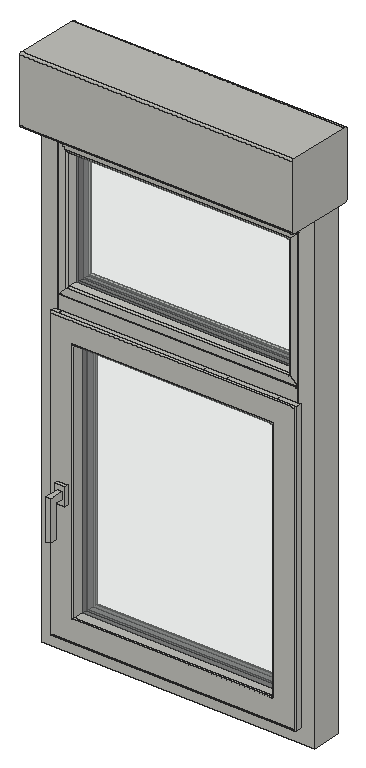
Revit family "2021_ES_Ventana_Replus_RE80-PVC-i30-11102_Cajon-Presiana", category Windows, host Wall, Revit 2021
Family settings
  Host = Wall
  OmniClass Number = 23.30.20.00
  OmniClass Title = Windows
  Always vertical = Yes
  Cut with Voids When Loaded = No
  Shared = No
  Room Calculation Point = No
Parameters (values of type "11102")
  Ι_Wll Thcknss [instance] = 200.000 mm
  Ι_Wdth Cntrl = if(Width < 429.000 mm, 429.000 mm, if(Width > 1514.000 mm, 1514.000 mm, Width))  # 750.000 mm
  Ι_Ssh Wdth = (Ι_Wdth Cntrl - 2 * 36.800 mm)  # 676.400 mm
  Ι_Ssh Hght = if(Altura de hoja < 165.000 mm, 165.000 mm, if(Altura de hoja > Ι_Hght Cntrl - 2.000 mm * 36.8 - Ι_Fxd Hght - 17.700 mm + 40.000 mm, Ι_Hght Cntrl - 2.000 mm * 36.8 - Ι_Fxd Hght - 17.700 mm + 40.000 mm, Ι_Hght Cntrl - 2.000 mm * 36.8 - Ι_Fxd Hght - 17.700 mm + 40.000 mm))  # 799.700 mm
  Ι_Nst Cntrl [instance] = if(Retranqueo > Ι_Wll Thcknss - 80.000 mm, Ι_Wll Thcknss - 80.000 mm, if(Retranqueo = Ι_Wll Thcknss - 80.000 mm, Ι_Wll Thcknss - 80.000 mm, Retranqueo))  # 0.000 mm
  Ι_Hndl Hght Cntrl = if(Altura de Manilla < 150.000 mm, 150.000 mm, if(Altura de Manilla > Ι_Ssh Hght - 50.000 mm, Ι_Ssh Hght - 50.000 mm, Altura de Manilla))  # 400.000 mm
  Ι_Hght Cntrl = if(Height < 429.000 mm, 429.000 mm, if(Height > 2658.000 mm, 2658.000 mm, Height))  # 1300.000 mm
  Ι_Fxd Hght Cntrl = Ι_Hght Cntrl - Ι_Ssh Hght - 51.000 mm  # 449.300 mm
  Ι_Fxd Hght = if((Ι_Hght Cntrl - Altura de hoja - 51.000 mm) < 173.000 mm, 173.000 mm, Ι_Hght Cntrl - Altura de hoja - 51.000 mm)  # 449.000 mm
  Ι_Frm Wdth Cntrl = Ι_Wdth Cntrl  # 750.000 mm
  Ι_Frm Hght Cntrl = Ι_Hght Cntrl  # 1300.000 mm
  Zona = ""
  Visibilidad Líneas Apertura - Planta = yes
  Visibilidad Líneas Apertura - Alzado = yes
  Vida Util Esperada = ""
  Version Estandar GDO-BIM = "GDO-BIM V02"  # constant formula
  Version = "RVT2021"  # constant formula
  Verano de transmitancia termica = 0
  Unidad Medicion = ""
  Unidad = ""
  Uniclass2015 Titulo = ""
  Uniclass2015 Codigo = ""
  URL de Declaracion de Prestaciones = ""
  URL Producto = "https://replus.es/bim/"
  URL Perfil BIM = "https://bimetica.com/es/objeto-bim-replus-ventana-re80-pvc-i30-1-hoja-oscilobatiente-fijo-superior-cajon-persiana-11104.html"
  URL = "https://replus.es/"
  UNSPSC Titulo = "Windows"  # constant formula
  UNSPSC Codigo = "30171600"  # constant formula
  Transmitancia termica invierno = 0
  Transmitancia solar = 0
  Transmitancia de ganancia de calor solar = 0
  Transmision de luz visible = 0
  Titular = "Regicarp, S.L."  # constant formula
  Tipo Embalaje Proteccion = ""
  Tiene antepecho interno = no
  Tiene antepecho externo = no
  Tiempo Util De Vida = ""
  Tiempo Medio Entre Fallos = ""
  Telefono Contacto = "+34 966544310"  # constant formula
  Soporte tecnico BIM = "https://bimsupport.info/es/fabricantes/regicarp-replus-bim/"
  Sistema = ""
  Serie = ""
  Responsable Seguridad = ""
  Responsable Prescripcion = ""
  Responsable Compra = ""
  Residuos Peligrosos por Unidad = 0
  Residuos No Peligrosos por Unidad = 0
  Residuo Radioactivo por Unidad = 0
  Residuo Inerte por Unidad = 0
  Reflectancia solar = 0
  Reflectancia de luz visible = 0
  Referencia Unidad Funcional = ""
  Referencia Lote = ""
  Referencia Contacto Soporte Tecnico = ""
  Referencia Contacto Comercial Venta = ""
  Referencia = "RE 80/PVC/i30"
  Punto de Contacto = ""
  Proteccion con Malla = no
  Plataforma descaga contenido BIM = "www.bimetica.com"
  Periodo Garantia = ""
  Partida URL = ""
  Pais de Venta = ""
  Omniclass Titulo = "Plastic Windows"  # constant formula
  Omniclass Codigo = "23-17 13 17"  # constant formula
  Numero de Licencia = "XXXXXXXX8182 / No-aportada por bimboject AB (anterior)"  # constant formula
  Numero de Declaracion de Prestaciones = ""
  Numero Serie = ""
  Numero Articulo Global Comercial = ""
  Numero Articulo = ""
  Nivel de Riesgo = ""
  Material Envoltura = ""
  Material Contenedor = ""
  Material = none
  Masterformat Titulo = "Plastic Windows"  # constant formula
  Masterformat Codigo = "08 53 00"  # constant formula
  Marcado CE = yes
  Mantenimiento = ""
  Lugar Ensamblaje = ""
  Instrucciones Especiales = ""
  Informacion Tecnica = ""
  IfcExportType = "Oscilobatiente"
  IfcExportAs = "IfcWindow"  # constant formula
  Identificador Garantia = ""
  Historial = "(RVT2021) Actualización GDO-BIM (RVT2015) Creacion de Elemento"  # constant formula
  Gubimclass Titulo = "Ventanas de fachadas"  # constant formula
  Gubimclass Codigo = "30.10.20.10"  # constant formula
  Gas de Relleno = ""
  Garantia Extendida = no
  Fuente Datos LCA = ""
  Formacion Fotoquimica Ozono por Unidad = 0
  Fecha Vencimiento Elemento BIM = ""
  Fecha Suministro = ""
  Fecha Fin Garantia = ""
  Fecha Evaluacion = ""
  Fecha Emision Elemento BIM = ""
  Fecha Compra = ""
  Fecha Colocacion = ""
  Fase Ciclo Vida = ""
  Falta de Recursos por Unidad = 0
  Exclusiones = ""
  Eutrofizacion por Unidad = 0
  Etiqueta Modelo = ""
  Estandar seguridad = ""
  Espesor de vidrio 3 = 0.000 mm
  Espesor de vidrio 2 = 0.000 mm
  Espesor de vidrio 1 = 0.000 mm
  Espacio libre acceso = 0.000 mm
  Espacio = ""
  Es templado = no
  Es recubierto = no
  Es laminado = no
  Es Exterior = yes
  Es Accesible = no
  Energia consumida = 0
  Energia Renovable Consumida por Unidad = 0
  Energia Primaria Total Consumida por Unidad = 0
  Energia No Renovable Consumida por Unidad = 0
  Email Contacto = "info@replus.es"  # constant formula
  Destruccion Capa Ozono Estratosferica por Unidad = 0
  Descripcion Evaluacion = ""
  Dependiente De = ""
  Declaracion Ambiental de Producto URL = ""
  Creditos LEED = ""
  Creditos BREEAM = ""
  Coste Mantenimiento = 0
  Contenido Garantia = ""
  Contacto = ""
  Condiciones de Venta = ""
  Condiciones Evaluacion = ""
  Color de vidrio = ""
  Coeficiente de sombreado = 0
  Codigo Barras = ""
  Codigo = ""
  Clasificacion de carga de viento = ""
  Capas de vidrio = 0
  Cambio Climatico por Unidad = 0
  COBie Categoria = "IfcWindow"
  Base Precio Producto 03 = ""
  Base Precio Producto 02 = ""
  Base Precio Producto 01 = ""
  Autor = "Bimetica Parametric Design Services S.L. (actual) / bimobject AB (anterior)"  # constant formula
  Ano Produccion = ""
  Rough Width = Ι_Wdth Cntrl + 2 * Hueco  # 770.000 mm
  Altura minima requerida = 0.000 mm
  Rough Height = Ι_Hght Cntrl + 2 * Hueco  # 1320.000 mm
  Retranqueo [instance] = 0.000 mm
  Product Material = PVC - Replus - 9152 - White
  Model = "11102"
  Material secondary = "Glass"
  Material main = "PVC"
  Manufacturer = "Replus"
  Keynote = "08500"
  Hueco = 10.000 mm
  Height = 1300.000 mm
  Exceso Dimensiones = or(and(Height < 429.000 mm, Advertencia Dimensión), and(Width < 429.000 mm, Advertencia Dimensión), and(Width > 1514.000 mm, Advertencia Dimensión), and(Height > 2658.000 mm, Advertencia Dimensión))  # no
  Edition number = 1
  Description = "Perfiles de hoja oculta en PVC, mejorando sustancialmente el campo visual, con triple junta (mediante junta rigida en el marco) protegiendo de esta manera todos los puntos de cierre, aumentando la seguridad y proporcionando una junta perimetral completa, con perfilería de clasificación máxima S-II-A"
  Default Sill Height = 800.000 mm
  Wall Closure = By host
  Width = 750.000 mm
  Assembly Code = "B2020100"
  Analytic Construction = "<None>"
  Altura de hoja = 800.000 mm
  Altura de Manilla = 400.000 mm
  Agua Consumida por Unidad = 0
  Advertencia Dimensión = yes
  Acidificacion Atmosferica por Unidad = 0
  Acabado = ""
  Absorcion solar = 0
Reference planes
  plane 1 "Center (Front/Back)": y = 0
  plane 2 "Center (Left/Right)": x = 0
  plane 3 "Left": x = -385
  plane 4 "Right": x = 385
  plane 5 "Sill": z = 800
  plane 6 "Head": z = 2305
  plane 7 "Exterior": y = 100
  plane 8 "Interior": y = -100
  plane 9: x = -375
  plane 10: x = 375
  plane 11 "Inset": y = -20
  plane 12: z = 2110
  plane 13: z = 810
  plane 14 "Central Profile": x = 0
  plane 15: z = 2058.811
  plane 16: z = 861.189
  plane 17: y = -38.5
  plane 18: x = -338.2
  plane 19: x = 338.2
  plane 20: z = 2073.2
  plane 21: z = 1377.736
  plane 22: z = 1374.811
  plane 23: z = 882.435
  plane 24: z = 2573.491
  plane 25: z = 2565.491
  plane 26: z = 1015.491
  plane 27: z = 1210
  plane 28: z = 846.8
  plane 29: x = 303.2
  plane 30: x = -303.2
  plane 31: z = 1646.5
  plane 32: y = 500
  plane 33: y = -100
  plane 34: x = -274.2
  plane 35: x = 274.2
  plane 36: z = 1582.5
  plane 37: z = 910.8
  plane 38 "glass": y = -57
  plane 39: y = 10
  plane 40: z = 2295
Lines and regions (mm)
  Opening 1
    outline origin (3500, -100, 0) x (1, 0, 0) y (0, 0, 1)
      loop
        line (-3115, 800) -> (-3115, 2305) -> (-3885, 2305) -> (-3885, 800) -> (-3115, 800)
  symbolic lines, style "Hidden Lines Black", visible <- "Visibilidad Líneas Apertura - Alzado"
    curve 1: line (-274.2, -20, 1210) -> (274.2, -20, 1582.5)
    curve 2: line (-274.2, -20, 1210) -> (274.2, -20, 910.8)
    curve 3: line (0, -20, 1582.5) -> (-274.2, -20, 910.8)
    curve 4: line (0, -20, 1582.5) -> (274.2, -20, 910.8)
  symbolic lines, visible <- "Visibilidad Líneas Apertura - Planta"
    curve 5: line (-338.2, -100, 0) -> (-338.2, -776.512, 0)
    curve 6: arc (-338.2, -776.512, 0) -> (140.127, -578.36, 0) -> (338.2, -100, 0) r 676.4
  model lines, style "Hidden Lines Black", visible <- "Visibilidad Líneas Apertura - Alzado"
    curve 7: line (0, -57, 1582.5) -> (-274.2, -57, 910.8)
    curve 8: line (0, -57, 1582.5) -> (274.2, -57, 910.8)
    curve 9: line (-274.2, -57, 1210) -> (274.2, -57, 1582.5)
    curve 10: line (-274.2, -57, 1210) -> (274.2, -57, 910.8)
Text (mm)
  text "EXTERIOR" at (-1963.203, 1332.353, 0), in view "Ref. Level"
  text "INTERIOR" at (-1981.466, -818.386, 0), in view "Ref. Level"
  text "Exterior" at (0, 923.751, 2943.296), in view "Right"
  text "Exterior" at (0, 1040.484, 2685.409), in view "Left"
Dimensions and locks
  equal spacing: plane 3 "Left", plane 2 "Center (Left/Right)", plane 4 "Right"
  "Ι_Wdth Cntrl": plane 9 to plane 10
  "Ι_Hght Cntrl": plane 13 to plane 12
  "Default Sill Height": plane 5 "Sill" to level
  locked: plane 7 "Exterior" to host wall
  locked: plane 8 "Interior" to host wall
  "Hueco": plane 3 "Left" to plane 9
  "Hueco": plane 10 to plane 4 "Right"
  "Hueco": plane 13 to plane 5 "Sill"
  equal spacing: plane 9, plane 14 "Central Profile", plane 10
  locked: plane 12 to plane 15 at 51.189
  locked: plane 16 to plane 13 at 51.189
  locked: plane 11 "Inset" to plane 17 at 18.5
  locked: plane 9 to plane 18 at 36.8
  locked: plane 19 to plane 10 at 36.8
  locked: plane 12 to plane 20 at 36.8
  plane 12 to plane 20 = 36.800 mm
  "Ι_Wll Thcknss": host wall to host wall
  locked: plane 28 to plane 13 at 36.8
  "Ι_Hndl Hght Cntrl": plane 27 to plane 13
  locked: plane 29 to plane 19 at 35
  locked: plane 18 to plane 30 at 35
  "Ι_Ssh Hght": plane 31 to plane 28
  locked: plane 32 to plane 7 "Exterior" at 400
  locked: plane 17 to plane 33 at 61.5
  "Ι_Nst Cntrl": plane 8 "Interior" to plane 33
  locked: plane 34 to plane 30 at 29
  locked: plane 35 to plane 29 at 29
  locked: plane 31 to plane 36 at 64
  locked: plane 17 to plane 38 "glass" at 18.5
  locked: plane 37 to plane 13 at 100.8
  locked: plane 39 to plane 11 "Inset" at 30
  locked: plane 40 to plane 12 at 185
  "Hueco": plane 6 "Head" to plane 40
  "Ι_Ssh Wdth": radius of curve 6
  aligned and locked: nested 2 to plane 11 "Inset"
  aligned and locked: nested 2 to plane 2 "Center (Left/Right)"
  aligned and locked: plane 18 to nested 1  (x2)
  aligned and locked: nested 1 to plane 17
  aligned and locked: plane 12 to nested 2
  aligned and locked: nested 1 to plane 28
  aligned and locked: plane 31 to nested 1
  aligned and locked: nested 4 to plane 32
  aligned and locked: nested 4 to plane 2 "Center (Left/Right)"
  aligned and locked: plane 36 to curve 1
  aligned and locked: plane 35 to curve 1
  aligned and locked: plane 14 "Central Profile" to curve 3
  aligned and locked: curve 5 to plane 18
  aligned and locked: plane 36 to curve 8
  aligned and locked: plane 27 to curve 10
  aligned and locked: plane 34 to curve 10
  aligned and locked: plane 37 to curve 10
  aligned and locked: plane 35 to curve 10
  aligned and locked: plane 33 to curve 5
  aligned and locked: plane 33 to curve 6
  aligned and locked: plane 30 to nested 3
  aligned and locked: nested 3 to plane 27
  aligned and locked: nested 5 to plane 2 "Center (Left/Right)"
  aligned and locked: nested 5 to plane 12
  aligned and locked: plane 39 to nested 5
Automatic sketch dimensions
  Opening 1 sketch curve to plane 3 "Left" = 0.000 mm
  Opening 1 sketch curve to plane 4 "Right" = 0.000 mm
  Opening 1 sketch curve to plane 5 "Sill" = 0.000 mm
  Opening 1 sketch curve to plane 6 "Head" = 0.000 mm
  plane 35 to curve 4 = 0.000 mm
  curve 2 to plane 27 = 0.000 mm
  curve 2 to plane 34 = 0.000 mm
  curve 3 to plane 37 = 0.000 mm
  curve 2 to plane 37 = 0.000 mm
  curve 4 to plane 36 = 0.000 mm
  plane 35 to curve 9 = 0.000 mm
  plane 2 "Center (Left/Right)" to curve 7 = 0.000 mm
  curve 9 to plane 36 = 0.000 mm
  curve 6 to plane 19 = 0.000 mm
  plane 18 to curve 6 = 0.000 mm
  curve 3 to plane 34 = 0.000 mm
  curve 7 to plane 34 = 0.000 mm
  curve 7 to plane 37 = 0.000 mm
Nested families
  nested 1: "Leaf" at (0, -38.5, 846.8), type "Leaf"
  nested 2: "Frame" at (0, -20, 810), type "Frame"
    with Width 750.000 mm
  nested 3: "Handle" at (-303.2, -118.5, 1210) x (1, 0, 0) z (0, -1, 0), type "Handle", detail levels medium+fine
  nested 4: "Dimensions Overconstraint Warning" at (0, 500, 0), visible <- "Exceso Dimensiones", type "Dimensions Overconstraint Warning"
  nested 5: "Shutter Box - Replus" at (0, -82.5, 2110), type "Shutter Box - Replus"
    with Width 750.000 mm
Definition of nested family "Leaf"
  Parameters (values of type "Leaf")
    Width = 676.400 mm
    Product Material = none
    Height = 799.700 mm
    Analytic Construction = "<None>"
  Reference planes
    plane 1 "Center (Front/Back)": y = 0
    plane 2: z = 0
    plane 3 "Center (Left/Right)": x = 0
    plane 4: x = -338.2
    plane 5: x = 338.2
    plane 6: z = 799.7
    plane 7: x = -278.2
    plane 8: x = 278.2
    plane 9: z = 751.7
    plane 10: z = 48
    plane 11: y = -65.804
    plane 12: x = 290.2
    plane 13: x = -274.2
    plane 14: x = 274.2
    plane 15: z = 748.705
    plane 16: z = 50.995
    plane 17: z = 64
    plane 18: z = 735.7
    plane 19: y = -40
    plane 20: y = -4
    plane 21: y = -8
    plane 22: y = -26
    plane 23: y = -30
    plane 24: y = -48
    plane 25: y = -52
    plane 26: x = -290.2
    plane 27: x = -284.2
    plane 28: x = 284.2
    plane 29: z = 745.7
    plane 30: z = 54
    plane 31: x = -295.2
    plane 32: x = 295.2
    plane 33: z = 756.7
    plane 34: z = 43
  Forms (mm)
    Sweep 1, solid, material <- "Product Material", detail levels coarse
      path origin (0, 0, 0) x (1, 0, 0) y (0, 0, 1)
        loop
          line (-338.2, 799.7) -> (-338.2, 0) -> (338.2, 0) -> (338.2, 799.7) -> (-338.2, 799.7)
      profile origin (-338.2, 0, 399.85) x (-1, 0, 0) y (0, -1, 0)
        loop
          line (-20, 56.6) -> (-20, 61.5) -> (-7.5, 61.5) -> (0, 61.5) -> (0, 80) -> (-64, 80) -> (-64, 0) -> (-43, 0) -> (-40.495, 0) -> (-20, 0) -> (-20, 56.6)
    Sweep 2, solid, material <- "Product Material", detail levels fine
      path origin (0, 0, 0) x (1, 0, 0) y (0, 0, 1)
        loop
          line (-338.2, 799.7) -> (-338.2, 0) -> (338.2, 0) -> (338.2, 799.7) -> (-338.2, 799.7)
      profile origin (-338.2, 0, 399.85) x (-1, 0, 0) y (0, -1, 0)
        loop
          line (-33, 14) -> (-33, 23.5) -> (-27.5, 23.5) -> (-20, 23.5) -> (-20, 61.5) -> (-7.5, 61.5) -> (0, 61.5) -> (0, 77)
          arc (0, 77) -> (-0.879, 79.121) -> (-3, 80) r 3
          line (-3, 80) -> (-61, 80)
          arc (-61, 80) -> (-63.121, 79.121) -> (-64, 77) r 3
          line (-64, 77) -> (-64, 52) -> (-43, 52) -> (-43, 4) -> (-40.495, 4) -> (-33, 4) -> (-33, 14)
    Sweep 3, solid, material <- "Product Material", detail levels medium
      path origin (0, 0, 0) x (1, 0, 0) y (0, 0, 1)
        loop
          line (-338.2, 799.7) -> (-338.2, 0) -> (338.2, 0) -> (338.2, 799.7) -> (-338.2, 799.7)
      profile origin (-338.2, 0, 399.85) x (-1, 0, 0) y (0, -1, 0)
        loop
          line (-20, 23.5) -> (-20, 61.5) -> (0, 61.5) -> (0, 80) -> (-64, 80) -> (-64, 52) -> (-43, 52) -> (-43, 4) -> (-33, 4) -> (-33, 23.5) -> (-20, 23.5)
    Extrusion 4, solid, detail levels fine
      sketch origin (0, 0, 0) x (1, 0, 0) y (0, 1, 0)
        loop
          line (-290.2, -4) -> (-290.2, -8) -> (290.2, -8) -> (290.2, -4) -> (-290.2, -4)
        loop
          line (-290.2, -26) -> (-290.2, -30) -> (290.2, -30) -> (290.2, -26) -> (-290.2, -26)
        loop
          line (-290.2, -48) -> (-290.2, -52) -> (290.2, -52) -> (290.2, -48) -> (-290.2, -48)
      from 48 to 751.7
    Extrusion 5, solid, detail levels medium
      sketch origin (0, 0, 0) x (1, 0, 0) y (0, 1, 0)
        loop
          line (-295.2, -4) -> (-295.2, -52) -> (295.2, -52) -> (295.2, -4) -> (-295.2, -4)
      from 43 to 756.7
    Sweep 6, solid, detail levels fine
      path origin (0, 0, 0) x (1, 0, 0) y (0, 0, 1)
        loop
          line (-284.2, 745.7) -> (-284.2, 54) -> (284.2, 54) -> (284.2, 745.7) -> (-284.2, 745.7)
      profile origin (-284.2, 0, 399.85) x (-1, 0, 0) y (0, -1, 0)
        loop
          line (0, 8) -> (0, 26) -> (-6, 26) -> (-6, 8) -> (0, 8)
        loop
          line (0, 30) -> (0, 48) -> (-6, 48) -> (-6, 30) -> (0, 30)
    Extrusion 7, solid, detail levels coarse
      sketch origin (0, 0, 0) x (1, 0, 0) y (0, 1, 0)
        loop
          line (-274.2, 0) -> (-274.2, -80) -> (274.2, -80) -> (274.2, 0) -> (-274.2, 0)
      from 64 to 735.7
    Sweep 8, solid, detail levels medium+fine
      path origin (0, 0, 0) x (1, 0, 0) y (0, 0, 1)
        loop
          line (-338.2, 799.7) -> (-338.2, 0) -> (338.2, 0) -> (338.2, 799.7) -> (-338.2, 799.7)
      profile origin (-338.2, 0, 399.85) x (-1, 0, 0) y (0, -1, 0)
        loop
          line (-33, 0) -> (-33, 4) -> (-64, 4) -> (-64, 0) -> (-33, 0)
  Lines and regions (mm)
    symbolic lines, detail levels coarse
      curve 1: line (-274.2, -40, 0) -> (274.2, -40, 0)
      curve 2: line (0, -40, 735.7) -> (0, -40, 64)
  Dimensions and locks
    equal spacing: plane 4, plane 3 "Center (Left/Right)", plane 5
    "Width": plane 4 to plane 5
    "Height": plane 6 to plane 2
    locked: plane 4 to plane 7 at 60
    locked: plane 8 to plane 5 at 60
    locked: plane 6 to plane 9 at 48
    locked: plane 10 to plane 2 at 48
    locked: plane 8 to plane 12 at 12
    locked: plane 7 to plane 13 at 4
    locked: plane 14 to plane 8 at 4
    locked: plane 6 to plane 15 at 50.995
    locked: plane 16 to plane 2 at 50.995
    locked: plane 15 to plane 18 at 13.005
    locked: plane 17 to plane 16 at 13.005
    locked: plane 19 to plane 1 "Center (Front/Back)" at 40
    plane 25 to plane 24 to plane 23 to plane 22 to plane 21 to plane 20 to plane 1 "Center (Front/Back)" = 4.000 mm locked, 18.000 mm locked, 4.000 mm locked, 18.000 mm locked, 4.000 mm locked, 4.000 mm locked
    locked: plane 26 to plane 7 at 12
    locked: plane 26 to plane 27 at 6
    locked: plane 28 to plane 12 at 6
    locked: plane 6 to plane 29 at 54
    locked: plane 30 to plane 2 at 54
    locked: plane 31 to plane 26 at 5
    locked: plane 12 to plane 32 at 5
    locked: plane 33 to plane 29 at 11
    locked: plane 30 to plane 34 at 11
    aligned and locked: level to plane 2
    aligned and locked: Sweep 1 sketch curve to plane 6
    aligned and locked: plane 4 to Sweep 1 sketch curve
    aligned and locked: plane 5 to Sweep 1 sketch curve
    aligned and locked: plane 2 to Sweep 1 sketch curve
    aligned and locked: Sweep 2 sketch curve to plane 6
    aligned and locked: plane 4 to Sweep 2 sketch curve
    aligned and locked: plane 5 to Sweep 2 sketch curve
    aligned and locked: plane 2 to Sweep 2 sketch curve
    aligned and locked: Sweep 3 sketch curve to plane 6
    aligned and locked: plane 4 to Sweep 3 sketch curve
    aligned and locked: plane 5 to Sweep 3 sketch curve
    aligned and locked: plane 2 to Sweep 3 sketch curve
    aligned and locked: plane 9 to Extrusion 4
    aligned and locked: Extrusion 4 to plane 10
    aligned and locked: plane 1 "Center (Front/Back)" to Extrusion 7 sketch curve
    aligned and locked: Extrusion 7 sketch curve to plane 13
    aligned and locked: Extrusion 7 sketch curve to plane 14
    aligned and locked: plane 18 to Extrusion 7
    aligned and locked: Extrusion 7 to plane 17
    aligned and locked: plane 19 to curve 1  (x2)
    aligned and locked: plane 14 to curve 1
    aligned and locked: plane 13 to curve 1
    aligned and locked: plane 17 to curve 2
    aligned and locked: plane 19 to curve 2  (x2)
    aligned and locked: plane 18 to curve 2
    aligned and locked: plane 4 to Sweep 8 sketch curve
    aligned and locked: plane 5 to Sweep 8 sketch curve
    aligned and locked: Sweep 8 sketch curve to plane 6
    aligned and locked: plane 2 to Sweep 8 sketch curve
    aligned and locked: Extrusion 4 sketch curve to plane 26  (x3)
    aligned and locked: Extrusion 4 sketch curve to plane 21
    aligned and locked: plane 20 to Extrusion 4 sketch curve
    aligned and locked: plane 22 to Extrusion 4 sketch curve
    aligned and locked: Extrusion 4 sketch curve to plane 23
    aligned and locked: plane 24 to Extrusion 4 sketch curve
    aligned and locked: Extrusion 4 sketch curve to plane 25
    aligned and locked: plane 20 to Extrusion 5 sketch curve
    aligned and locked: Extrusion 5 sketch curve to plane 25
    aligned and locked: Extrusion 4 sketch curve to plane 12  (x3)
    aligned and locked: Sweep 6 sketch curve to plane 27
    aligned and locked: Sweep 6 sketch curve to plane 28
    aligned and locked: Sweep 6 sketch curve to plane 29
    aligned and locked: plane 30 to Sweep 6 sketch curve
    aligned and locked: Extrusion 5 sketch curve to plane 31
    aligned and locked: Extrusion 5 sketch curve to plane 32
    aligned and locked: plane 33 to Extrusion 5
    aligned and locked: Extrusion 5 to plane 34
  Automatic sketch dimensions
    plane 11 to Extrusion 7 sketch curve = 14.196 mm
    Sweep 2 sketch curve to profile plane = 0.000 mm
    profile plane to Sweep 2 sketch curve = 3.000 mm
    profile plane to Sweep 2 sketch curve = 7.500 mm
    Sweep 2 sketch curve to Sweep 2 sketch curve = 12.500 mm
    Sweep 2 sketch curve to Sweep 2 sketch curve = 7.500 mm
    plane 1 "Center (Front/Back)" to Sweep 2 sketch curve = 4.000 mm
    Sweep 2 sketch curve to Sweep 2 sketch curve = 5.500 mm
    Sweep 2 sketch curve to Sweep 2 sketch curve = 7.495 mm
    Sweep 2 sketch curve to Sweep 2 sketch curve = 2.505 mm
    Sweep 2 sketch curve to Sweep 2 sketch curve = 18.000 mm
    Sweep 2 sketch curve to Sweep 2 sketch curve = 3.000 mm
    Sweep 2 sketch curve to Sweep 2 sketch curve = 10.000 mm
    Sweep 2 sketch curve to Sweep 2 sketch curve = 9.500 mm  (x2)
    Sweep 2 sketch curve to Sweep 2 sketch curve = 28.500 mm
    Sweep 2 sketch curve to Sweep 2 sketch curve = 25.000 mm
    Sweep 3 sketch curve to profile plane = 0.000 mm
    profile plane to Sweep 3 sketch curve = 20.000 mm
    Sweep 3 sketch curve to Sweep 3 sketch curve = 13.000 mm
    Sweep 3 sketch curve to Sweep 3 sketch curve = 23.000 mm
    Sweep 3 sketch curve to Sweep 3 sketch curve = 21.000 mm
    plane 1 "Center (Front/Back)" to Sweep 3 sketch curve = 4.000 mm
    Sweep 3 sketch curve to Sweep 3 sketch curve = 19.500 mm
    Sweep 3 sketch curve to Sweep 3 sketch curve = 28.500 mm
    Sweep 3 sketch curve to Sweep 3 sketch curve = 9.500 mm
    Sweep 3 sketch curve to Sweep 3 sketch curve = 28.000 mm
    plane 1 "Center (Front/Back)" to Sweep 1 sketch curve = 0.000 mm
    Sweep 1 sketch curve to profile plane = 0.000 mm
    Sweep 1 sketch curve to Sweep 1 sketch curve = 7.500 mm
    profile plane to Sweep 1 sketch curve = 20.000 mm
    Sweep 1 sketch curve to Sweep 1 sketch curve = 20.495 mm
    Sweep 1 sketch curve to Sweep 1 sketch curve = 2.505 mm
    Sweep 1 sketch curve to Sweep 1 sketch curve = 21.000 mm
    Sweep 1 sketch curve to Sweep 1 sketch curve = 56.600 mm
    Sweep 1 sketch curve to Sweep 1 sketch curve = 4.900 mm
    Sweep 1 sketch curve to Sweep 1 sketch curve = 18.500 mm
    plane 1 "Center (Front/Back)" to Sweep 8 sketch curve = 0.000 mm
    profile plane to Sweep 8 sketch curve = 64.000 mm
    plane 1 "Center (Front/Back)" to Sweep 8 sketch curve = 4.000 mm
    Sweep 8 sketch curve to Sweep 8 sketch curve = 31.000 mm
    profile plane to Sweep 6 sketch curve = 6.000 mm
    plane 1 "Center (Front/Back)" to Sweep 6 sketch curve = 8.000 mm
    Sweep 6 sketch curve to Sweep 6 sketch curve = 0.000 mm  (x2)
    Sweep 6 sketch curve to Sweep 6 sketch curve = 6.000 mm
    Sweep 6 sketch curve to Sweep 6 sketch curve = 18.000 mm  (x2)
    Sweep 6 sketch curve to Sweep 6 sketch curve = 4.000 mm
Definition of nested family "Frame"
  Parameters (values of type "Frame")
    Width = 900.000 mm
    Product Material = none
    Height = 1300.000 mm
    Fixed Leaf Height = 449.300 mm
    Analytic Construction = "<None>"
  Reference planes
    plane 1 "Center (Front/Back)": y = 0
    plane 2: z = 0
    plane 3 "Center (Left/Right)": x = 0
    plane 4: x = -450
    plane 5: x = 450
    plane 6: z = 1300
    plane 7 "Central Profile": x = 0
    plane 8: z = 850.7
    plane 9: x = -405.2
    plane 10: x = 405.2
    plane 11: x = -412.2
    plane 12: x = 412.2
    plane 13 "1": x = -385.1
    plane 14 "2": x = 385.1
    plane 15: z = 44.8
    plane 16: x = -373.1
    plane 17: x = 373.1
    plane 18: x = -390.1
    plane 19: x = 390.1
    plane 20: y = -18.5
    plane 21: y = -36.5
    plane 22: y = -40.5
    plane 23: y = -54.5
    plane 24: y = -58.5
    plane 25: y = -22.5
    plane 26: y = -62.518
    plane 27: x = -384.1
    plane 28: x = 384.1
    plane 29: z = 1263.2
    plane 30 "fi": z = 873.191
    plane 31 "3": x = 386.422
    plane 32 "4": x = -386.422
    plane 33: z = 1248.811
    plane 34: z = 879.58
    plane 35: z = 56.8
    plane 36: x = -380.2
    plane 37: x = 380.2
    plane 38: z = 1243.2
    plane 39: z = 884.9
    plane 40: z = 1234.189
    plane 41: z = 888.202
    plane 42: z = 894.202
    plane 43: z = 1255.2
    plane 44: z = 890.9
    plane 45: z = 1230.2
    plane 46: z = 904.389
    plane 47: y = -49.25
  Forms (mm)
    Sweep 1, solid, material <- "Product Material", detail levels fine
      path origin (0, 0, 0) x (1, 0, 0) y (0, 0, 1)
        loop
          line (-450, 1300) -> (-450, 0) -> (450, 0) -> (450, 1300) -> (-450, 1300)
      profile origin (-450, 0, 650) x (-1, 0, 0) y (0, -1, 0)
        loop
          line (0, 80) -> (-43.8, 80)
          arc (-43.8, 80) -> (-44.507, 79.707) -> (-44.8, 79) r 1
          line (-44.8, 79) -> (-44.8, 38) -> (-63.811, 38) -> (-63.811, 18.5) -> (-75.767, 18.5)
          arc (-75.767, 18.5) -> (-76.56, 18.109) -> (-76.733, 17.241) r 1
          line (-76.733, 17.241) -> (-72.709, 2.224)
          arc (-72.709, 2.224) -> (-71.637, 0.62) -> (-69.811, 0) r 3
          line (-69.811, 0) -> (0, 0) -> (0, 80)
    Sweep 2, solid, material <- "Product Material", detail levels coarse
      path origin (0, 0, 0) x (1, 0, 0) y (0, 0, 1)
        loop
          line (-450, 1300) -> (-450, 0) -> (450, 0) -> (450, 1300) -> (-450, 1300)
      profile origin (-450, 0, 650) x (-1, 0, 0) y (0, -1, 0)
        loop
          line (0, 80) -> (-56.8, 80) -> (-56.8, 18.5) -> (-76.9, 18.5) -> (-76.9, 0) -> (0, 0) -> (0, 80)
    Sweep 3, solid, material <- "Product Material", detail levels medium
      path origin (0, 0, 0) x (1, 0, 0) y (0, 0, 1)
        loop
          line (-450, 1300) -> (-450, 0) -> (450, 0) -> (450, 1300) -> (-450, 1300)
      profile origin (-450, 0, 650) x (-1, 0, 0) y (0, -1, 0)
        loop
          line (0, 80) -> (-56.8, 80) -> (-56.8, 42) -> (-69.8, 42) -> (-69.8, 18.5) -> (-76.662, 18.5) -> (-76.662, 0) -> (0, 0) -> (0, 80)
    Sweep 4, solid, material <- "Product Material", detail levels fine
      path origin (0, 0, 0) x (1, 0, 0) y (0, 0, 1)
        loop
          line (-405.2, 850.7) -> (405.2, 850.7)
      profile "Profile 01 - Fijo Inferior - Center Frame : Profile 01 - Fijo Inferior - Center Frame" origin (0, 0, 850.7) x (0, 0, 1) y (0, -1, 0)
        loop
          arc (22.491, 79) -> (22.198, 79.707) -> (21.491, 80) r 1
          line (21.491, 80) -> (-20.645, 80)
          arc (-20.645, 80) -> (-21.352, 79.707) -> (-21.645, 79) r 1
          line (-21.645, 79) -> (-21.645, 75.579) -> (-21.645, 67.975) -> (-19.491, 67.975) -> (-19.491, 38) -> (-41.502, 38) -> (-41.502, 36.218) -> (-28.88, 28.93) -> (-28.88, 12.933) -> (-41.912, 12.933) -> (-42.694, 18.5) -> (-53.458, 18.5)
          arc (-53.458, 18.5) -> (-54.251, 18.109) -> (-54.424, 17.241) r 1
          line (-54.424, 17.241) -> (-50.4, 2.224)
          arc (-50.4, 2.224) -> (-49.328, 0.62) -> (-47.502, 0) r 3
          line (-47.502, 0) -> (47.502, 0)
          arc (47.502, 0) -> (49.328, 0.62) -> (50.4, 2.224) r 3
          line (50.4, 2.224) -> (54.424, 17.241)
          arc (54.424, 17.241) -> (54.251, 18.109) -> (53.458, 18.5) r 1
          line (53.458, 18.5) -> (42.694, 18.5) -> (41.912, 12.933) -> (28.88, 12.933) -> (28.88, 28.93) -> (41.502, 36.218) -> (41.502, 38) -> (19.491, 38) -> (19.491, 67.975) -> (22.491, 67.975) -> (22.491, 79)
    Sweep 5, solid, material <- "Product Material", detail levels coarse
      path origin (0, 0, 0) x (1, 0, 0) y (0, 0, 1)
        loop
          line (-405.2, 850.7) -> (405.2, 850.7)
      profile origin (0, 0, 850.7) x (0, 0, 1) y (0, -1, 0)
        loop
          line (-34.2, 80) -> (-34.2, 0) -> (53.689, 0) -> (53.689, 80) -> (-34.2, 80)
    Sweep 6, solid, material <- "Product Material", detail levels medium
      path origin (0, 0, 0) x (1, 0, 0) y (0, 0, 1)
        loop
          line (-405.2, 850.7) -> (405.2, 850.7)
      profile origin (0, 0, 850.7) x (0, 0, 1) y (0, -1, 0)
        loop
          line (37.502, 18.5) -> (37.502, 65.491) -> (36.686, 66.307) -> (34.2, 66.307) -> (34.2, 80) -> (-34.2, 80) -> (-34.2, 42) -> (-47.2, 42) -> (-47.2, 18.5) -> (-53.689, 18.5) -> (-53.689, 0) -> (53.689, 0) -> (53.689, 18.5) -> (37.502, 18.5)
    Sweep 7, solid, material <- "Product Material", detail levels fine
      path origin (0, 0, 426.2) x (1, 0, 0) y (0, 0, 1)
        loop
          line (-405.2, 829) -> (-405.2, 446.991) -> (405.2, 446.991) -> (405.2, 829) -> (-405.2, 829)
      profile origin (-405.2, 0, 1064.196) x (-1, 0, 0) y (0, -1, 0)
        loop
          line (-1.15, 79.982) -> (-20.819, 79.284)
          arc (-20.819, 79.284) -> (-23.754, 78.201) -> (-25.47, 75.585) r 4.995
          line (-25.47, 75.585) -> (-30.048, 58.5) -> (-22.292, 58.5) -> (-14.485, 66.307) -> (-14.485, 69.507) -> (0, 69.507) -> (0, 76.2) -> (0, 78.872)
          arc (0, 78.872) -> (-0.339, 79.671) -> (-1.15, 79.982) r 1.111
    Extrusion 8, solid, detail levels fine
      sketch origin (0, 0, 0) x (1, 0, 0) y (0, 1, 0)
        loop
          line (-384.1, -18.5) -> (-384.1, -22.5) -> (384.1, -22.5) -> (384.1, -18.5) -> (-384.1, -18.5)
        loop
          line (-384.1, -36.5) -> (-384.1, -40.5) -> (384.1, -40.5) -> (384.1, -36.5) -> (-384.1, -36.5)
        loop
          line (-384.1, -54.5) -> (-384.1, -58.5) -> (384.1, -58.5) -> (384.1, -54.5) -> (-384.1, -54.5)
      from 888.202 to 1234.189
    Extrusion 9, solid, detail levels coarse
      sketch origin (0, 0, 0) x (1, 0, 0) y (0, 1, 0)
        loop
          line (-390.1, -18.5) -> (-390.1, -80) -> (390.1, -80) -> (390.1, -18.5) -> (-390.1, -18.5)
      from 904.389 to 1243.2
    Sweep 10, solid, detail levels fine
      path origin (0, 0, 0) x (1, 0, 0) y (0, 0, 1)
        loop
          line (-378.1, 1228.189) -> (-378.1, 896.9) -> (378.1, 896.9) -> (378.1, 1228.189) -> (-378.1, 1228.189)
      profile "Profile 06 - Fijo Inferior - Metal Glass Seal Leaf Narrow FW - M : Profile 06 - Fijo Inferior - Metal Glass Seal Leaf Narrow" origin (0, 0, 1228.189) x (0, 0, 1) y (0, -1, 0)
        loop
          line (-8, 36.5) -> (-8, 22.5) -> (0, 22.5) -> (0, 36.5) -> (-8, 36.5)
        loop
          line (-8, 54.5) -> (-8, 40.5) -> (0, 40.5) -> (0, 54.5) -> (-8, 54.5)
    Extrusion 11, solid, detail levels medium
      sketch origin (0, 0, 0) x (1, 0, 0) y (0, 1, 0)
        loop
          line (-380.2, -18.5) -> (-380.2, -58.5) -> (380.2, -58.5) -> (380.2, -18.5) -> (-380.2, -18.5)
      from 888.202 to 1230.2
    Sweep 12, solid, material <- "Product Material", detail levels medium
      path origin (0, 0, 426.2) x (1, 0, 0) y (0, 0, 1)
        loop
          line (-393.2, 817) -> (-393.2, 458.7) -> (393.2, 458.7) -> (393.2, 817) -> (-393.2, 817)
      profile origin (-393.2, 0, 1064.05) x (-1, 0, 0) y (0, -1, 0)
        loop
          line (0, 80) -> (-12.287, 80) -> (-18.048, 58.5) -> (-10.292, 58.5) -> (-2.486, 66.307) -> (0, 66.307) -> (0, 80)
  Cuts and joins
    joined: Sweep 3, Sweep 6
    joined: Sweep 2, Sweep 5
  Lines and regions (mm)
    symbolic lines, detail levels coarse
      curve 1: line (0, -49.25, 1243.2) -> (0, -49.25, 904.389)
  Dimensions and locks
    "Width": plane 4 to plane 5
    "Height": plane 6 to plane 2
    equal spacing: plane 4, plane 3 "Center (Left/Right)", plane 5
    equal spacing: plane 4, plane 7 "Central Profile", plane 5
    locked: plane 9 to plane 4 at 44.8
    locked: plane 10 to plane 5 at 44.8
    locked: plane 4 to plane 11 at 37.8
    locked: plane 12 to plane 5 at 37.8
    locked: plane 9 to plane 13 "1" at 20.1
    locked: plane 14 "2" to plane 10 at 20.1
    locked: plane 13 "1" to plane 16 at 12
    locked: plane 17 to plane 14 "2" at 12
    locked: plane 18 to plane 13 "1" at 5
    locked: plane 14 "2" to plane 19 at 5
    plane 24 to plane 23 to plane 22 to plane 21 to plane 25 to plane 20 to plane 1 "Center (Front/Back)" = 4.000 mm locked, 14.000 mm locked, 4.000 mm locked, 14.000 mm locked, 4.000 mm locked, 18.500 mm locked
    locked: plane 26 to plane 24 at 4.018
    locked: plane 18 to plane 27 at 6
    locked: plane 28 to plane 19 at 6
    locked: plane 6 to plane 29 at 36.8
    locked: plane 28 to plane 31 "3" at 2.322
    locked: plane 32 "4" to plane 27 at 2.322
    locked: plane 6 to plane 33 at 51.189
    locked: plane 35 to plane 15 at 12
    locked: plane 27 to plane 36 at 3.9
    locked: plane 37 to plane 28 at 3.9
    "Fixed Leaf Height": plane 6 to plane 8
    locked: plane 33 to plane 38 at 5.611
    Extrusion 9 to plane 1 "Center (Front/Back)" = 18.500 mm
    locked: plane 6 to plane 40 at 65.811
    locked: plane 18 to Sweep 12 sketch curve at 3.1
    locked: plane 19 to Sweep 12 sketch curve at 3.1
    locked: plane 43 to plane 33 at 6.389
    locked: plane 40 to plane 45 at 3.989
    locked: plane 47 to plane 1 "Center (Front/Back)" at 49.25
    plane 46 to plane 42 to plane 44 to plane 41 to plane 39 to plane 34 to plane 30 "fi" to plane 8 = 10.187 mm locked, 3.302 mm locked, 2.698 mm locked, 3.302 mm locked, 5.320 mm locked, 6.389 mm locked, 22.491 mm locked
    locked: plane 40 to Sweep 10 sketch curve at 6
    locked: Sweep 10 sketch curve to plane 44 at 6
    locked: Sweep 10 sketch curve to plane 27 at 6
    locked: Sweep 10 sketch curve to plane 28 at 6
    aligned and locked: level to plane 2
    aligned and locked: Sweep 1 sketch curve to plane 6
    aligned and locked: plane 4 to Sweep 1 sketch curve
    aligned and locked: plane 5 to Sweep 1 sketch curve
    aligned and locked: plane 2 to Sweep 1 sketch curve
    aligned and locked: plane 4 to Sweep 2 sketch curve
    aligned and locked: Sweep 2 sketch curve to plane 6
    aligned and locked: plane 5 to Sweep 2 sketch curve
    aligned and locked: plane 2 to Sweep 2 sketch curve
    aligned and locked: Sweep 3 sketch curve to plane 6
    aligned and locked: plane 4 to Sweep 3 sketch curve
    aligned and locked: plane 5 to Sweep 3 sketch curve
    aligned and locked: plane 2 to Sweep 3 sketch curve
    aligned and locked: plane 10 to Sweep 4 sketch curve
    aligned and locked: plane 9 to Sweep 4 sketch curve
    aligned and locked: plane 8 to Sweep 4 sketch curve
    aligned and locked: Sweep 5 sketch curve to plane 8
    aligned and locked: plane 8 to Sweep 5 sketch curve
    aligned and locked: plane 9 to Sweep 5 sketch curve
    aligned and locked: plane 10 to Sweep 5 sketch curve
    aligned and locked: Sweep 6 sketch curve to plane 8
    aligned and locked: plane 10 to Sweep 6 sketch curve
    aligned and locked: plane 8 to Sweep 6 sketch curve
    aligned and locked: plane 9 to Sweep 6 sketch curve
    aligned and locked: plane 21 to Extrusion 8 sketch curve
    aligned and locked: Extrusion 8 sketch curve to plane 22
    aligned and locked: plane 23 to Extrusion 8 sketch curve
    aligned and locked: Extrusion 8 sketch curve to plane 24
    aligned and locked: Extrusion 8 sketch curve to plane 25
    aligned and locked: plane 20 to Extrusion 8 sketch curve
    aligned and locked: plane 20 to Extrusion 9 sketch curve
    aligned and locked: Extrusion 9 sketch curve to plane 18
    aligned and locked: Extrusion 9 sketch curve to plane 19
    aligned and locked: plane 20 to Extrusion 11 sketch curve
    aligned and locked: Extrusion 11 sketch curve to plane 24
    aligned and locked: Extrusion 11 sketch curve to plane 36
    aligned and locked: Extrusion 11 sketch curve to plane 37
    aligned and locked: Extrusion 9 to plane 38
    aligned and locked: plane 40 to Extrusion 8
    aligned and locked: Extrusion 8 to plane 41
    aligned and locked: plane 38 to Sweep 12 sketch curve
    aligned and locked: plane 39 to Sweep 12 sketch curve
    aligned and locked: plane 43 to Sweep 7 sketch curve
    aligned and locked: plane 30 "fi" to Sweep 7 sketch curve
    aligned and locked: plane 45 to Extrusion 11
    aligned and locked: Extrusion 11 to plane 41
    aligned and locked: Extrusion 9 to plane 46
    aligned and locked: curve 1 to plane 47
    aligned and locked: plane 46 to curve 1
    aligned and locked: plane 47 to curve 1
    aligned and locked: plane 38 to curve 1
    aligned and locked: plane 9 to Sweep 7 sketch curve
    aligned and locked: Sweep 7 sketch curve to plane 10
    aligned and locked: Extrusion 8 sketch curve to plane 27  (x3)
    aligned and locked: Extrusion 8 sketch curve to plane 28  (x3)
  Automatic sketch dimensions
    plane 26 to Extrusion 9 sketch curve = 17.482 mm
    plane 1 "Center (Front/Back)" to Sweep 1 sketch curve = 0.000 mm
    Sweep 1 sketch curve to profile plane = 0.000 mm
    profile plane to Sweep 1 sketch curve = 43.800 mm
    Sweep 1 sketch curve to Sweep 1 sketch curve = 1.000 mm
    Sweep 1 sketch curve to Sweep 1 sketch curve = 19.011 mm
    Sweep 1 sketch curve to Sweep 1 sketch curve = 6.000 mm
    plane 1 "Center (Front/Back)" to Sweep 1 sketch curve = 2.224 mm
    Sweep 1 sketch curve to Sweep 1 sketch curve = 2.898 mm
    Sweep 1 sketch curve to Sweep 1 sketch curve = 11.956 mm
    plane 1 "Center (Front/Back)" to Sweep 1 sketch curve = 17.241 mm
    Sweep 1 sketch curve to Sweep 1 sketch curve = 0.966 mm
    Sweep 1 sketch curve to Sweep 1 sketch curve = 0.259 mm
    Sweep 1 sketch curve to Sweep 1 sketch curve = 19.500 mm
    Sweep 1 sketch curve to Sweep 1 sketch curve = 41.000 mm
    plane 1 "Center (Front/Back)" to Sweep 3 sketch curve = 0.000 mm
    Sweep 3 sketch curve to profile plane = 0.000 mm
    profile plane to Sweep 3 sketch curve = 56.800 mm
    Sweep 3 sketch curve to Sweep 3 sketch curve = 13.000 mm
    Sweep 3 sketch curve to Sweep 3 sketch curve = 6.862 mm
    plane 1 "Center (Front/Back)" to Sweep 3 sketch curve = 18.500 mm
    Sweep 3 sketch curve to Sweep 3 sketch curve = 23.500 mm
    Sweep 3 sketch curve to Sweep 3 sketch curve = 38.000 mm
    plane 1 "Center (Front/Back)" to Sweep 2 sketch curve = 0.000 mm
    Sweep 2 sketch curve to profile plane = 0.000 mm
    profile plane to Sweep 2 sketch curve = 56.800 mm
    Sweep 2 sketch curve to Sweep 2 sketch curve = 20.100 mm
    Sweep 2 sketch curve to Sweep 2 sketch curve = 18.500 mm
    Sweep 2 sketch curve to Sweep 2 sketch curve = 61.500 mm
    Sweep 6 sketch curve to plane 1 "Center (Front/Back)" = 0.000 mm
    profile plane to Sweep 6 sketch curve = 53.689 mm
    Sweep 6 sketch curve to Sweep 6 sketch curve = 6.489 mm
    Sweep 6 sketch curve to Sweep 6 sketch curve = 13.000 mm
    Sweep 6 sketch curve to profile plane = 34.200 mm
    Sweep 6 sketch curve to Sweep 6 sketch curve = 2.486 mm
    Sweep 6 sketch curve to Sweep 6 sketch curve = 0.816 mm  (x2)
    Sweep 6 sketch curve to Sweep 6 sketch curve = 16.187 mm
    Sweep 6 sketch curve to Sweep 6 sketch curve = 18.500 mm  (x2)
    Sweep 6 sketch curve to Sweep 6 sketch curve = 23.500 mm
    Sweep 6 sketch curve to Sweep 6 sketch curve = 46.991 mm
    Sweep 6 sketch curve to Sweep 6 sketch curve = 13.693 mm
    Sweep 5 sketch curve to plane 1 "Center (Front/Back)" = 0.000 mm
    profile plane to Sweep 5 sketch curve = 34.200 mm
    Sweep 5 sketch curve to profile plane = 53.689 mm
    Sweep 5 sketch curve to Sweep 5 sketch curve = 80.000 mm
    profile plane to Sweep 12 sketch curve = 18.048 mm
    Sweep 12 sketch curve to Sweep 12 sketch curve = 5.761 mm
    Sweep 12 sketch curve to Sweep 12 sketch curve = 7.755 mm
    Sweep 12 sketch curve to Sweep 12 sketch curve = 12.287 mm
    profile plane to Sweep 12 sketch curve = 58.500 mm
    Sweep 12 sketch curve to Sweep 12 sketch curve = 7.807 mm
    Sweep 12 sketch curve to Sweep 12 sketch curve = 13.693 mm
    Sweep 12 sketch curve to Sweep 12 sketch curve = 2.486 mm
    Sweep 7 sketch curve to profile plane = 0.000 mm
    profile plane to Sweep 7 sketch curve = 1.111 mm
    Sweep 7 sketch curve to Sweep 7 sketch curve = 0.039 mm
    profile plane to Sweep 7 sketch curve = 14.485 mm
    Sweep 7 sketch curve to Sweep 7 sketch curve = 6.159 mm
    Sweep 7 sketch curve to Sweep 7 sketch curve = 0.174 mm
    Sweep 7 sketch curve to Sweep 7 sketch curve = 7.807 mm  (x2)
    Sweep 7 sketch curve to Sweep 7 sketch curve = 4.825 mm
    Sweep 7 sketch curve to Sweep 7 sketch curve = 7.755 mm
    plane 1 "Center (Front/Back)" to Sweep 7 sketch curve = 58.500 mm
    Sweep 7 sketch curve to Sweep 7 sketch curve = 3.200 mm
    Sweep 7 sketch curve to Sweep 7 sketch curve = 4.785 mm
    Sweep 7 sketch curve to Sweep 7 sketch curve = 1.293 mm
    Sweep 7 sketch curve to Sweep 7 sketch curve = 6.693 mm
    Sweep 7 sketch curve to Sweep 7 sketch curve = 2.671 mm
Definition of nested family "Handle"
  Parameters (values of type "Handle")
    Material = none
    Default Elevation = 1219.200 mm
  Reference planes
    plane 1 "Centre (avant/arrière)": y = 0
    plane 2: z = 0
    plane 3 "Centre (gauche/droite)": x = 0
    plane 4: z = 40
    plane 5: y = -100
    plane 6 "Plaque": z = 10
    plane 7: x = -6
  Forms (mm)
    Extrusion 1, solid
      sketch origin (0, 0, 0) x (1, 0, 0) y (0, 1, 0)
        loop
          line (-1219.2, 1219.2) -> (-1219.2, -1219.2) -> (1219.2, -1219.2) -> (1219.2, 1219.2) -> (-1219.2, 1219.2)
      from 0 to -304.8
    Extrusion 2, solid, material <- "Material"
      sketch origin (0, 0, 0) x (1, 0, 0) y (0, 1, 0)
        loop
          line (-14.231, 24.783) -> (-14.231, -24.783) -> (14.231, -24.783) -> (14.231, 24.783) -> (-14.231, 24.783)
      from 0 to 10
    Sweep 3, solid, material <- "Material"
      path origin (0, 0, 0) x (0, 1, 0) y (0, 0, 1)
        loop
          line (0, 10) -> (0, 40) -> (-100, 40)
      profile origin (0, 0, 25) x (0, -1, 0) y (1, 0, 0)
        loop
          line (10, -6) -> (10, 6) -> (-10, 6) -> (-10, -6) -> (10, -6)
  Dimensions and locks
    plane 4 to plane 2 = 40.000 mm
    plane 5 to plane 1 "Centre (avant/arrière)" = 100.000 mm
    equal spacing: Extrusion 2 sketch curve, plane 3 "Centre (gauche/droite)", Extrusion 2 sketch curve
    equal spacing: Extrusion 2 sketch curve, plane 1 "Centre (avant/arrière)", Extrusion 2 sketch curve
    Extrusion 2 sketch curve to Extrusion 2 sketch curve = 28.462 mm
    Extrusion 2 sketch curve to Extrusion 2 sketch curve = 49.566 mm
    locked: plane 7 to plane 3 "Centre (gauche/droite)" at 6
    aligned and locked: plane 2 to Extrusion 1
    aligned and locked: level to Extrusion 1
    aligned and locked: plane 6 "Plaque" to Extrusion 2
    aligned and locked: plane 6 "Plaque" to Sweep 3 sketch curve
    aligned and locked: plane 5 to Sweep 3 sketch curve
    aligned and locked: Sweep 3 sketch curve to plane 4
    aligned and locked: Sweep 3 sketch curve to plane 1 "Centre (avant/arrière)"
Definition of nested family "Shutter Box - Replus"
  Parameters (values of type "Shutter Box - Replus")
    Width = 600.000 mm
    Shutter Box Material = none
    Default Elevation = 0.000 mm
  Reference planes
    plane 1 "Center (Front/Back)": y = 0
    plane 2: z = 0
    plane 3 "Center (Left/Right)": x = 0
    plane 4: x = -300
    plane 5: x = 300
  Forms (mm)
    Sweep 1, solid, material <- "Shutter Box Material", detail levels fine
      path origin (0, 0, 0) x (1, 0, 0) y (0, 1, 0)
        loop
          line (-300, 0) -> (300, 0)
      profile origin (0, 0, 0) x (0, 1, 0) y (0, 0, 1)
        loop
          line (0, 0) -> (87.5, 0)
          arc (87.5, 0) -> (91.036, 1.464) -> (92.5, 5) r 5
          line (92.5, 5) -> (92.5, 180)
          arc (92.5, 180) -> (91.036, 183.536) -> (87.5, 185) r 5
          line (87.5, 185) -> (-87.5, 185)
          arc (-87.5, 185) -> (-91.036, 183.536) -> (-92.5, 180) r 5
          line (-92.5, 180) -> (-92.5, 5)
          arc (-92.5, 5) -> (-91.036, 1.464) -> (-87.5, 0) r 5
          line (-87.5, 0) -> (0, 0)
    Sweep 2, solid, material <- "Shutter Box Material", detail levels coarse+medium
      path origin (0, 0, 0) x (1, 0, 0) y (0, 1, 0)
        loop
          line (-300, 0) -> (300, 0)
      profile origin (0, 0, 0) x (0, 1, 0) y (0, 0, 1)
        loop
          line (92.5, 0) -> (92.5, 185) -> (-92.5, 185) -> (-92.5, 0) -> (92.5, 0)
  Dimensions and locks
    equal spacing: plane 4, plane 3 "Center (Left/Right)", plane 5
    "Width": plane 4 to plane 5
    aligned and locked: level to plane 2
    aligned and locked: plane 1 "Center (Front/Back)" to Sweep 1 sketch curve  (x2)
    aligned and locked: plane 4 to Sweep 1 sketch curve
    aligned and locked: plane 5 to Sweep 1 sketch curve
    aligned and locked: plane 1 "Center (Front/Back)" to Sweep 2 sketch curve  (x2)
    aligned and locked: plane 4 to Sweep 2 sketch curve
    aligned and locked: plane 5 to Sweep 2 sketch curve
  Automatic sketch dimensions
    Sweep 1 sketch curve to level = 0.000 mm
    Sweep 1 sketch curve to profile plane = 0.000 mm
    profile plane to Sweep 1 sketch curve = 87.500 mm  (x2)
    Sweep 1 sketch curve to Sweep 1 sketch curve = 5.000 mm
    Sweep 1 sketch curve to profile plane = 87.500 mm  (x2)
    level to Sweep 1 sketch curve = 5.000 mm
    Sweep 1 sketch curve to Sweep 1 sketch curve = 175.000 mm
    profile plane to Sweep 2 sketch curve = 92.500 mm
    Sweep 2 sketch curve to profile plane = 92.500 mm
    level to Sweep 2 sketch curve = 0.000 mm
    Sweep 2 sketch curve to Sweep 2 sketch curve = 185.000 mm
Definition of nested family "Dimensions Overconstraint Warning"
  Parameters (values of type "Dimensions Overconstraint Warning")
    Warning = "!"
    W warning = "300<Height<2250"
    Turn off notification = "For other dimensions, please contact K.Line/ Turn off notification"
    Text = "DIMENSIONS OVERCONSTRAINT"
    H warning = "300 mm<Width<1000 mm"
  Reference planes
    plane 1: y = 0
    plane 2: x = 0
  Lines and regions (mm)
    Filled region 1, type "Filled region 1"
      outline origin (0, 0, 0) x (1, 0, 0) y (0, 1, 0)
        loop
          line (0, 4.243) -> (-4.243, 0) -> (0, -4.243) -> (4.243, 0) -> (0, 4.243)
  Text (mm)
    label "!" at (-0.078, 0.428, 0), shows "Warning"
    label "DIMENSION OVERCONSTRAINT" at (1.291, -15.948, 0), shows "Text"
